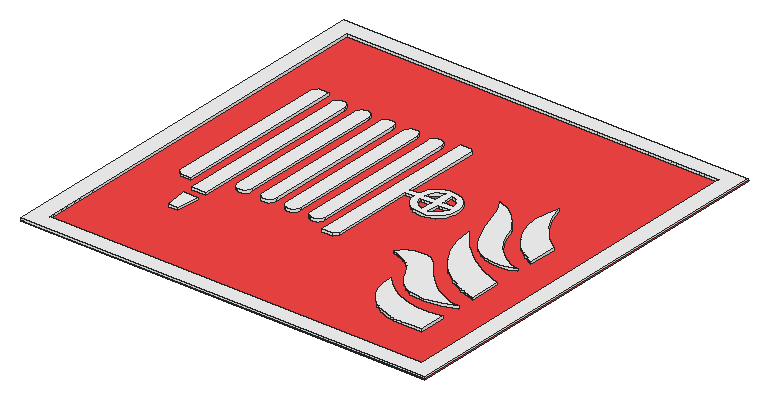
Revit family "GRAS_HW-25N-20-30 HS Z", category Osprzęt hydrauliczny, Revit 2018
Family settings
  Obiekt nadrzędny = Powierzchnia
  Wymiar okrągłego złącza = Użyj średnicy
  Typ części = Normalny
  Tnij formami wycięć po wczytaniu = Nie
  Współdzielony = Nie
  Punkt obliczania pomieszczeń = Nie
Parameters (values of type "HW-25N-20/30 HS-Z, RAL3000")
  W1 = 100 mm
  URL = "http://www.gras.pl/"
  Top Right Supply Connection = ""
  Top Left Supply Connection = ""
  Side Right Supply Connection = ""
  Side Left Supply Connection = ""
  Producent = "GRAS PPPH"
  Pictogram_height = 90 mm
  Opis = "http://gras.pl/hw-25-n-20-30-hs-z/"
  Model = "HW-25N-20/30 HS-Z, RAL3000"
  K Factor = 42
  H1 = 130 mm
  Flow = 60.0 L/s
  Door_Right - Door_Left [instance] = no
  Default Elevation = 0 mm
  DN = 25 mm
  D1 = 100 mm
  Cabinet width = 795 mm
  Cabinet material = DC01, RAL3000
  Cabinet height = 895 mm
  Cabinet depth = 220 mm
  Back Right Supply Connection = ""
  Back Left Supply Connection = ""
  0 = 0 mm
Types (2, lengths in mm): name | Model | Cabinet material
  HW-25N-20/30 HS-Z, RAL9010 | "HW-25N-20/30 HS-Z, RAL9010" | DC01, RAL9010
  HW-25N-20/30 HS-Z, RAL3000 | "HW-25N-20/30 HS-Z, RAL3000" | DC01, RAL3000
Reference planes
  plane 1 "Środek (Przód/Tył)": y = 0
  plane 2: z = 0
  plane 3 "Środek (Lewa/Prawa)": x = 0
  plane 4: y = 447.5
  plane 5: y = -447.5
  plane 6: x = -397.5
  plane 7: x = 397.5
  plane 8: z = 220
  plane 9: z = 130
  plane 10: x = 397.5
  plane 11: z = 0
  plane 12: x = -397.5
  plane 13: z = 130
  plane 14: z = 130
Forms (mm)
  Extrusion 1, solid, not visible
    sketch origin (0, 0, 0) x (1, 0, 0) y (0, 1, 0)
      loop
        line (-1219.2, 1219.2) -> (-1219.2, -1219.2) -> (1219.2, -1219.2) -> (1219.2, 1219.2) -> (-1219.2, 1219.2)
    from 0 to -304.8
Dimensions and locks
  equal spacing: plane 4, plane 1 "Środek (Przód/Tył)", plane 5
  "Cabinet height": plane 4 to plane 5
  equal spacing: plane 6, plane 3 "Środek (Lewa/Prawa)", plane 7
  "Cabinet width": plane 6 to plane 7
  "Cabinet depth": plane 8 to Extrusion 1
  "0": nested 1 to plane 8
  "0": plane 3 "Środek (Lewa/Prawa)" to nested 1
  "0": plane 3 "Środek (Lewa/Prawa)" to nested 2
  "0": plane 1 "Środek (Przód/Tył)" to nested 2
  "Pictogram_height": plane 4 to nested 1
  aligned and locked: plane 2 to Extrusion 1
  aligned and locked: level to Extrusion 1
Automatic sketch dimensions
  Extrusion 1 sketch curve to Extrusion 1 sketch curve = 2438.4 mm  (x2)
Nested families
  nested 1: "pictogram_hydrant" at (0, 282.5, 220), type "150x150"
  nested 2: "Cabinet_complet" at (0, 0, 0), visible <- "Door_Right - Door_Left", type "Cabinet_complet"
    with Visible_Right yes, Left_Right no, Flow 60.0 L/s, Door_Rubber 198 mm, Depth 220 mm
Connectors
  piping at (396.5, 317.5, 100), diameter 25, driven by "DN", driven by "Flow"
    settings: on nested 2, index 1, connector inside diameter 609.6 mm, connector length 0 mm, flow factor 0, pipe flow 60.0 L/s, pressure drop 0.0 Pa, fitting loss kfactor 0, connector angle 0.00°, fixture units 0, engagement length 0 mm, angle of deflection 0.00°, flow configuration 0, flow direction 0, fitting loss method 0, system type 7, joint type 0, gender type 0, connector reference index -1, connector utility 0, adjustable connector no, is connector primary yes, connector description ""
  piping at (297.5, 317.5, 1), diameter 25, driven by "DN", driven by "Flow"
    settings: on nested 2, index 2, connector inside diameter 609.6 mm, connector length 0 mm, flow factor 0, pipe flow 60.0 L/s, pressure drop 0.0 Pa, fitting loss kfactor 0, connector angle 0.00°, fixture units 0, engagement length 0 mm, angle of deflection 0.00°, flow configuration 0, flow direction 0, fitting loss method 0, system type 7, joint type 0, gender type 0, connector reference index -1, connector utility 0, adjustable connector no, is connector primary no, connector description ""
  piping at (-397.5, 317.5, 100), diameter 25, driven by "DN", driven by "Flow"
    settings: on nested 2, index 3, connector inside diameter 609.6 mm, connector length 0 mm, flow factor 0, pipe flow 60.0 L/s, pressure drop 0.0 Pa, fitting loss kfactor 0, connector angle 0.00°, fixture units 0, engagement length 0 mm, angle of deflection 0.00°, flow configuration 0, flow direction 0, fitting loss method 0, system type 19, joint type 0, gender type 0, connector reference index -1, connector utility 0, adjustable connector no, is connector primary no, connector description ""
  piping at (-297.5, 317.5, 0), diameter 25, driven by "DN"
    settings: on nested 2, index 4, connector inside diameter 609.6 mm, connector length 0 mm, flow factor 0, pipe flow 0.0 L/s, pressure drop 0.0 Pa, fitting loss kfactor 0, connector angle 0.00°, fixture units 0, engagement length 0 mm, angle of deflection 0.00°, flow configuration 0, flow direction 0, fitting loss method 0, system type 19, joint type 0, gender type 0, connector reference index -1, connector utility 0, adjustable connector no, is connector primary no, connector description ""
Definition of nested family "pictogram_hydrant"
  Parameters (values of type "150x150")
    pictogram_color_white = none
    pictogram_color_red = none
    W = 150 mm
    H = 150 mm
    Default Elevation = 1219.2 mm
  Reference planes
    plane 1 "Środek (Przód/Tył)": y = 0
    plane 2: z = 0
    plane 3 "Środek (Lewa/Prawa)": x = 0
    plane 4: x = -75
    plane 5: x = 75
    plane 6: y = 75
    plane 7: x = -75
    plane 8: x = 75
    plane 9: y = 75
    plane 10: y = -75
  Forms (mm)
    Extrusion 1, solid, material <- "pictogram_color_white", detail levels fine
      sketch origin (0, 0, 0) x (1, 0, 0) y (0, 1, 0)
        loop
          arc (-42.375, 34.5) -> (-45, 37.125) -> (-47.625, 34.5) r 2.625
          line (-47.625, 34.5) -> (-47.625, -29.625) -> (-42.375, -29.625) -> (-42.375, 34.5)
        loop
          arc (-38.625, -19.5) -> (-36, -22.125) -> (-33.375, -19.5) r 2.625
          line (-33.375, -19.5) -> (-33.375, 34.5)
          arc (-33.375, 34.5) -> (-36, 37.125) -> (-38.625, 34.5) r 2.625
          line (-38.625, 34.5) -> (-38.625, -19.5)
        loop
          arc (-29.625, -19.5) -> (-27, -22.125) -> (-24.375, -19.5) r 2.625
          line (-24.375, -19.5) -> (-24.375, 34.5)
          arc (-24.375, 34.5) -> (-27, 37.125) -> (-29.625, 34.5) r 2.625
          line (-29.625, 34.5) -> (-29.625, -19.5)
        loop
          arc (-20.625, -19.5) -> (-18, -22.125) -> (-15.375, -19.5) r 2.625
          line (-15.375, -19.5) -> (-15.375, 34.5)
          arc (-15.375, 34.5) -> (-18, 37.125) -> (-20.625, 34.5) r 2.625
          line (-20.625, 34.5) -> (-20.625, -19.5)
        loop
          arc (-11.625, -19.5) -> (-9, -22.125) -> (-6.375, -19.5) r 2.625
          line (-6.375, -19.5) -> (-6.375, 34.5)
          arc (-6.375, 34.5) -> (-9, 37.125) -> (-11.625, 34.5) r 2.625
          line (-11.625, 34.5) -> (-11.625, -19.5)
        loop
          arc (8.096, 6.375) -> (9.601, 3.593) -> (12.375, 2.075) r 5.587
          line (12.375, 2.075) -> (12.375, 6.375) -> (8.096, 6.375)
        loop
          arc (14.625, 2.05) -> (17.477, 3.549) -> (19.026, 6.375) r 5.587
          line (19.026, 6.375) -> (14.625, 6.375) -> (14.625, 2.05)
        loop
          arc (12.375, 12.994) -> (9.576, 11.45) -> (8.081, 8.625) r 5.587
          line (8.081, 8.625) -> (12.375, 8.625) -> (12.375, 12.994)
        loop
          arc (19.04, 8.625) -> (17.502, 11.494) -> (14.625, 13.019) r 5.587
          line (14.625, 13.019) -> (14.625, 8.625) -> (19.04, 8.625)
        loop
          arc (30.735, -35.586) -> (34.985, -47.78) -> (46.5, -53.625) r 17.285
          line (46.5, -53.625) -> (56.625, -53.625) -> (56.625, -43.857)
          arc (56.625, -43.857) -> (42.542, -43.284) -> (30.735, -35.586) r 26.558
        loop
          arc (43.5, 26.625) -> (44.037, 9.214) -> (56.632, -2.819) r 22.981
          line (56.632, -2.819) -> (56.601, 7.732)
          arc (56.601, 7.732) -> (48.159, 15.867) -> (43.5, 26.625) r 29.857
        loop
          arc (36.375, -1.5) -> (44.77, -9.178) -> (56.121, -8.425) r 14.487
          arc (56.121, -8.425) -> (50.239, -6.221) -> (45.629, -1.954) r 16.287
          arc (45.629, -1.954) -> (42.437, 2.964) -> (40.404, 8.464) r 26.509
          arc (40.404, 8.464) -> (34.776, 15.029) -> (27.375, 19.5) r 27.251
          arc (27.375, 19.5) -> (29.19, 16.657) -> (30.375, 13.5) r 16.152
          arc (30.375, 13.5) -> (32.842, 5.787) -> (36.375, -1.5) r 57.118
        loop
          line (75, -75) -> (75, 75) -> (-75, 75) -> (-75, -75) -> (75, -75)
        loop
          line (69, -69) -> (69, 69) -> (-69, 69) -> (-69, -69) -> (69, -69)
        loop
          line (-55.125, -25.5) -> (-51.375, -25.5) -> (-51.375, 38.625) -> (-55.125, 38.625) -> (-56.625, 37.125) -> (-56.625, -24) -> (-55.125, -25.5)
        loop
          line (-43.234, -41.671) -> (-42.368, -33.375) -> (-47.658, -33.375) -> (-46.721, -41.671) -> (-43.234, -41.671)
        loop
          line (5.748, 8.625) -> (2.625, 8.625) -> (2.625, 37.125) -> (1.125, 38.625) -> (-2.625, 38.625) -> (-2.625, -25.5) -> (1.125, -25.5) -> (2.625, -24) -> (2.625, 6.375) -> (5.748, 6.375)
          arc (5.748, 6.375) -> (21.333, 7.5) -> (5.748, 8.625) r 7.833
        loop
          arc (56.626, -18.699) -> (42.495, -11.687) -> (31.5, -0.375) r 46.748
          arc (31.5, -0.375) -> (38.925, -19.413) -> (56.626, -29.624) r 30.825
          line (56.626, -29.624) -> (56.626, -18.699)
        loop
          arc (30.403, -18.389) -> (25.366, -19.297) -> (21.375, -22.5) r 10.383
          arc (21.375, -22.5) -> (27.7, -25.134) -> (32.166, -30.331) r 14.829
          arc (32.166, -30.331) -> (35.524, -35.29) -> (40.5, -38.625) r 15.649
          arc (40.5, -38.625) -> (48.741, -38.75) -> (56.621, -36.335) r 26.465
          arc (56.621, -36.335) -> (49.534, -34.515) -> (43.5, -30.375) r 21.005
          arc (43.5, -30.375) -> (39.113, -26.466) -> (35.439, -21.881) r 35.088
          arc (35.439, -21.881) -> (33.209, -19.719) -> (30.403, -18.389) r 9.54
      from 0.2 to 1
    Extrusion 2, solid, material <- "pictogram_color_red", detail levels fine
      sketch origin (0, 0, 0) x (1, 0, 0) y (0, 1, 0)
        loop
          line (-75, 75) -> (-75, -75) -> (75, -75) -> (75, 75) -> (-75, 75)
      from 0 to 0.2
  Dimensions and locks
    equal spacing: plane 7, plane 3 "Środek (Lewa/Prawa)", plane 8
    "W": plane 7 to plane 8
    equal spacing: plane 9, plane 1 "Środek (Przód/Tył)", plane 10
    "H": plane 9 to plane 10
    aligned and locked: level to plane 2
    aligned and locked: Extrusion 1 to Extrusion 2  (x2)
    aligned and locked: Extrusion 2 to Extrusion 1  (x3)
    aligned and locked: Extrusion 1 to plane 7
    aligned and locked: plane 8 to Extrusion 1
    aligned and locked: plane 9 to Extrusion 1
    aligned and locked: Extrusion 1 to plane 10
  Automatic sketch dimensions
    Extrusion 1 sketch curve to Extrusion 1 sketch curve = 0 mm  (x22)
    Extrusion 1 sketch curve to plane 4 = 0 mm
    Extrusion 1 sketch curve to plane 5 = 0 mm
    Extrusion 1 sketch curve to plane 6 = 0 mm
    plane 4 to Extrusion 1 sketch curve = 6 mm
    plane 4 to Extrusion 1 sketch curve = 18.375 mm
    Extrusion 1 sketch curve to Extrusion 1 sketch curve = 1.5 mm  (x7)
    Extrusion 1 sketch curve to Extrusion 1 sketch curve = 3.75 mm  (x6)
    Extrusion 1 sketch curve to Extrusion 1 sketch curve = 3.717 mm
    Extrusion 1 sketch curve to Extrusion 1 sketch curve = 0.033 mm
    Extrusion 1 sketch curve to Extrusion 1 sketch curve = 0.938 mm
    Extrusion 1 sketch curve to Extrusion 1 sketch curve = 2.625 mm  (x7)
    Extrusion 1 sketch curve to Extrusion 1 sketch curve = 3.487 mm
    Extrusion 1 sketch curve to Extrusion 1 sketch curve = 0.007 mm
    Extrusion 1 sketch curve to plane 3 "Środek (Lewa/Prawa)" = 2.625 mm
    plane 3 "Środek (Lewa/Prawa)" to Extrusion 1 sketch curve = 1.125 mm  (x2)
    plane 3 "Środek (Lewa/Prawa)" to Extrusion 1 sketch curve = 2.625 mm
    Extrusion 1 sketch curve to Extrusion 1 sketch curve = 3.123 mm
    Extrusion 1 sketch curve to Extrusion 1 sketch curve = 2.333 mm
    Extrusion 1 sketch curve to Extrusion 1 sketch curve = 0.014 mm  (x2)
    Extrusion 1 sketch curve to Extrusion 1 sketch curve = 4.294 mm
    Extrusion 1 sketch curve to Extrusion 1 sketch curve = 1.125 mm  (x2)
    Extrusion 1 sketch curve to Extrusion 1 sketch curve = 0.061 mm
    Extrusion 1 sketch curve to Extrusion 1 sketch curve = 1.064 mm  (x2)
    Extrusion 1 sketch curve to Extrusion 1 sketch curve = 0.118 mm
    Extrusion 1 sketch curve to Extrusion 1 sketch curve = 2.539 mm
    plane 3 "Środek (Lewa/Prawa)" to Extrusion 1 sketch curve = 18.99 mm
    Extrusion 1 sketch curve to Extrusion 1 sketch curve = 4.401 mm
    Extrusion 1 sketch curve to Extrusion 1 sketch curve = 8.783 mm
    Extrusion 1 sketch curve to Extrusion 1 sketch curve = 1.895 mm
    plane 1 "Środek (Przód/Tył)" to Extrusion 1 sketch curve = 12.549 mm
    Extrusion 1 sketch curve to Extrusion 1 sketch curve = 15.349 mm
    Extrusion 1 sketch curve to plane 5 = 28.5 mm
    Extrusion 1 sketch curve to Extrusion 1 sketch curve = 1.545 mm
    Extrusion 1 sketch curve to Extrusion 1 sketch curve = 1.437 mm
    Extrusion 1 sketch curve to plane 1 "Środek (Przód/Tył)" = 4.493 mm
    Extrusion 1 sketch curve to Extrusion 1 sketch curve = 4.546 mm
    Extrusion 1 sketch curve to Extrusion 1 sketch curve = 4.061 mm
    Extrusion 1 sketch curve to Extrusion 1 sketch curve = 7.037 mm
    Extrusion 1 sketch curve to Extrusion 1 sketch curve = 10.125 mm
    Extrusion 1 sketch curve to Extrusion 1 sketch curve = 8.626 mm
    plane 1 "Środek (Przód/Tył)" to Extrusion 1 sketch curve = 2.819 mm
    Extrusion 1 sketch curve to Extrusion 1 sketch curve = 7.068 mm
    Extrusion 1 sketch curve to Extrusion 1 sketch curve = 1.594 mm
    Extrusion 1 sketch curve to Extrusion 1 sketch curve = 2.188 mm
    Extrusion 1 sketch curve to plane 1 "Środek (Przód/Tył)" = 0.672 mm
    Extrusion 1 sketch curve to Extrusion 1 sketch curve = 5.675 mm
    plane 1 "Środek (Przód/Tył)" to Extrusion 1 sketch curve = 2.314 mm
    Extrusion 1 sketch curve to Extrusion 1 sketch curve = 2.258 mm
    Extrusion 1 sketch curve to plane 5 = 9.975 mm
    Extrusion 1 sketch curve to Extrusion 1 sketch curve = 1.108 mm
    Extrusion 1 sketch curve to plane 5 = 6 mm
    Extrusion 1 sketch curve to plane 5 = 4.96 mm
    Extrusion 1 sketch curve to plane 5 = 2.306 mm
    plane 5 to Extrusion 1 sketch curve = 10.875 mm
    Extrusion 1 sketch curve to Extrusion 1 sketch curve = 12.572 mm
    Extrusion 1 sketch curve to Extrusion 1 sketch curve = 5.437 mm
    Extrusion 1 sketch curve to Extrusion 1 sketch curve = 3.308 mm
    plane 1 "Środek (Przód/Tył)" to Extrusion 1 sketch curve = 19.5 mm
    Extrusion 1 sketch curve to Extrusion 1 sketch curve = 4.5 mm  (x2)
    Extrusion 1 sketch curve to Extrusion 1 sketch curve = 6.213 mm
    Extrusion 1 sketch curve to Extrusion 1 sketch curve = 3.361 mm
    Extrusion 1 sketch curve to Extrusion 1 sketch curve = 1.186 mm
    Extrusion 1 sketch curve to Extrusion 1 sketch curve = 10.925 mm
    Extrusion 1 sketch curve to Extrusion 1 sketch curve = 4.125 mm
    Extrusion 1 sketch curve to Extrusion 1 sketch curve = 6.781 mm
    Extrusion 1 sketch curve to Extrusion 1 sketch curve = 9.577 mm
    Extrusion 1 sketch curve to Extrusion 1 sketch curve = 8.296 mm
    Extrusion 1 sketch curve to Extrusion 1 sketch curve = 7.452 mm
    Extrusion 1 sketch curve to Extrusion 1 sketch curve = 9.768 mm
    Extrusion 1 sketch curve to Extrusion 1 sketch curve = 27.329 mm
    Extrusion 1 sketch curve to Extrusion 1 sketch curve = 6 mm
    plane 1 "Środek (Przód/Tył)" to Extrusion 1 sketch curve = 5.765 mm
    Extrusion 1 sketch curve to plane 1 "Środek (Przód/Tył)" = 2.05 mm
    Extrusion 1 sketch curve to plane 1 "Środek (Przód/Tył)" = 2.075 mm
    Extrusion 1 sketch curve to Extrusion 1 sketch curve = 4.325 mm
    Extrusion 1 sketch curve to Extrusion 1 sketch curve = 0.034 mm
    Extrusion 1 sketch curve to plane 1 "Środek (Przód/Tył)" = 7.642 mm
    Extrusion 1 sketch curve to Extrusion 1 sketch curve = 0.09 mm
    Extrusion 1 sketch curve to Extrusion 1 sketch curve = 2.25 mm
    Extrusion 1 sketch curve to Extrusion 1 sketch curve = 0.809 mm
    Extrusion 1 sketch curve to Extrusion 1 sketch curve = 7.206 mm
    Extrusion 1 sketch curve to Extrusion 1 sketch curve = 3.727 mm
    Extrusion 1 sketch curve to Extrusion 1 sketch curve = 7.508 mm
    Extrusion 1 sketch curve to Extrusion 1 sketch curve = 0.917 mm
    Extrusion 1 sketch curve to Extrusion 1 sketch curve = 6.797 mm
    Extrusion 1 sketch curve to plane 1 "Środek (Przód/Tył)" = 34.5 mm
    Extrusion 1 sketch curve to plane 6 = 6 mm
    Extrusion 1 sketch curve to Extrusion 1 sketch curve = 6.399 mm
    Extrusion 1 sketch curve to Extrusion 1 sketch curve = 8.335 mm
    Extrusion 1 sketch curve to Extrusion 1 sketch curve = 3 mm
    Extrusion 1 sketch curve to Extrusion 1 sketch curve = 2.63 mm
    Extrusion 1 sketch curve to Extrusion 1 sketch curve = 2.497 mm
    Extrusion 1 sketch curve to Extrusion 1 sketch curve = 5.036 mm
    plane 1 "Środek (Przód/Tył)" to Extrusion 1 sketch curve = 1.5 mm
    Extrusion 1 sketch curve to Extrusion 1 sketch curve = 4.875 mm
    Extrusion 1 sketch curve to plane 1 "Środek (Przód/Tył)" = 8.464 mm
    Extrusion 1 sketch curve to Extrusion 1 sketch curve = 7.5 mm
    Extrusion 1 sketch curve to Extrusion 1 sketch curve = 3.063 mm
    plane 1 "Środek (Przód/Tył)" to Extrusion 1 sketch curve = 1.954 mm
    Extrusion 1 sketch curve to Extrusion 1 sketch curve = 0.005 mm
    Extrusion 2 sketch curve to plane 4 = 0 mm
    Extrusion 2 sketch curve to plane 5 = 0 mm
    Extrusion 2 sketch curve to plane 6 = 0 mm
    plane 1 "Środek (Przód/Tył)" to Extrusion 2 sketch curve = 75 mm
Definition of nested family "Cabinet_complet"
  Parameters (values of type "Cabinet_complet")
    W1 = 100 mm
    Visible_Right = not(Left_Right)  # no
    Thickness = 1 mm
    Rubber = 8 mm
    Roof = 40 mm
    Material_hinge_lock = none
    Material = none
    Left_Right = yes
    Hinge_H2 = Height - Roof - Frame - 100 mm  # 733 mm
    Hinge_H1 = 100 mm
    Half_Height = Height / 2  # 447.5 mm
    Height = 895 mm
    Width = 795 mm
    H1 = 130 mm
    Gap = 4 mm
    Frame = 22 mm
    Flow = 35.0 L/s
    Door_Width = Width  # 795 mm
    Door_Rubber = Depth - Door_Depth  # 228 mm
    Door_Height = Height - Gap - Roof - Frame  # 829 mm
    Door_Half_Height = Door_Height / 2  # 414.5 mm
    Door_Depth = 22 mm
    Depth = 250 mm
    DN_Hole = DN + 20 mm  # 45 mm
    DN = 25 mm
    D1 = 100 mm
    0 = 0 mm
  Reference planes
    plane 1 "Środek (Przód/Tył)": y = 0
    plane 2: z = 0
    plane 3 "Środek (Lewa/Prawa)": x = 0
    plane 4: z = 250
    plane 5: y = 895
    plane 6: y = -447.5
    plane 7: x = 397.5
    plane 8: x = -397.5
    plane 9: y = -33
  Dimensions and locks
    "0": plane 3 "Środek (Lewa/Prawa)" to nested 1
    "0": plane 1 "Środek (Przód/Tył)" to nested 1
    "Height": plane 5 to plane 1 "Środek (Przód/Tył)"
    "0": plane 3 "Środek (Lewa/Prawa)" to nested 2
    "Door_Rubber": nested 2 to plane 2
    "Half_Height": plane 1 "Środek (Przód/Tył)" to plane 6
    "0": nested 2 to plane 6
    equal spacing: plane 7, plane 3 "Środek (Lewa/Prawa)", plane 8
    "Width": plane 7 to plane 8
    "Depth": plane 4 to level
    "0": nested 3 to plane 8
    "0": nested 4 to plane 8
    "Hinge_H1": plane 6 to nested 4
    "Hinge_H2": nested 3 to plane 6
    "Gap": nested 3 to plane 4
    "Gap": plane 4 to nested 4
    "0": nested 6 to plane 8
    "0": plane 7 to nested 5
    "Door_Half_Height": plane 9 to plane 6
    "0": plane 9 to nested 5
    "0": nested 6 to plane 9
    "Gap": nested 6 to plane 4
    "Gap": plane 4 to nested 5
    "0": plane 3 "Środek (Lewa/Prawa)" to nested 7
    "0": nested 7 to plane 1 "Środek (Przód/Tył)"
    "0": plane 7 to nested 8
    "0": plane 7 to nested 9
    "Hinge_H1": plane 6 to nested 9
    "Hinge_H2": plane 6 to nested 8
    "Gap": plane 4 to nested 9
    "Gap": plane 4 to nested 8
    aligned and locked: level to plane 2
  Nested families
    nested 1: "HS-Z v2" at (0, 0, 0), visible <- "Visible_Right", type "HS-Z v2"
      with Srednica 45 mm
    nested 2: "door" at (0, -33, 228), type "door"
    nested 3: "zawias" at (-402.5, 310.5, 216) x (-1, 0, 0) z (0, 0, 1), visible <- "Left_Right", type "zawias"
    nested 4: "zawias" at (-402.5, -322.5, 216) x (-1, 0, 0) z (0, 0, 1), visible <- "Left_Right", type "zawias"
    nested 5: "zamek" at (397.5, -33, 211), visible <- "Left_Right", type "zamek"
    nested 6: "zamek" at (-397.5, -33, 211) x (-1, 0, 0) z (0, 0, 1), visible <- "Visible_Right", type "zamek"
    nested 7: "HS-Z v2" at (0, 0, 0) x (-1, 0, 0) z (0, 0, 1), visible <- "Left_Right", type "HS-Z v2"
      with Srednica 45 mm
    nested 8: "zawias" at (402.5, 310.5, 216), visible <- "Visible_Right", type "zawias"
    nested 9: "zawias" at (402.5, -322.5, 216), visible <- "Visible_Right", type "zawias"
  Definition of nested family "HS-Z v2"
    Parameters (values of type "HS-Z v2")
      Width = 795 mm
      W1 = 100 mm
      D1 = 100 mm
      Thickness = 1 mm
      Srednica = 100 mm
      Rubber = 8 mm
      Roof_out = 10 mm
      Roof_Height = 40 mm
      Materiał = none
      Height = 895 mm
      H1 = 130 mm
      Frame = 22 mm
      Door_Depth_rubber = Door_Depth + Rubber  # 30 mm
      Door_Depth = 22 mm
      Depth = 250 mm
      DN = 45 mm
      Cabinet_depth = Depth - Door_Depth_rubber  # 220 mm
      0 = 0 mm
    Reference planes
      plane 1 "Środek (Przód/Tył)": y = 0
      plane 2: z = 0
      plane 3 "Środek (Lewa/Prawa)": x = 0
      plane 4: x = -397.5
      plane 5: x = 397.5
      plane 6: y = 447.5
      plane 7: y = -447.5
      plane 8: z = 250
      plane 9: z = 220
      plane 10: y = 407.5
      plane 11: y = 385.5
      plane 12: z = 260
      plane 13: y = 363.5
      plane 14: z = 259
      plane 15: z = 1
      plane 16: y = -446.5
      plane 17: z = 219
      plane 18: y = 446.5
      plane 19: y = 386.5
      plane 20: y = 406.5
      plane 21: x = 396.5
      plane 22: x = -396.5
      plane 23: x = -375.5
      plane 24: x = 375.5
      plane 25: y = -425.5
      plane 26: y = 317.5
      plane 27: z = 100
      plane 28: x = 297.5
    Forms (mm)
      Extrusion 1, solid, material <- "Materiał"
        sketch origin (0, 0, 0) x (0, 1, 0) y (0, 0, 1)
          loop
            line (447.5, 0) -> (407.5, 260) -> (385.5, 260) -> (391.654, 220) -> (-447.5, 220) -> (-447.5, 0) -> (447.5, 0)
        from -397.5 to 397.5
      Extrusion 2, void
        sketch origin (0, 0, 0) x (0, 1, 0) y (0, 0, 1)
          loop
            line (446.5, 1) -> (406.5, 259) -> (386.5, 259) -> (392.702, 219) -> (-446.5, 219) -> (-446.5, 1) -> (446.5, 1)
        from -396.5 to 396.5
      Extrusion 3, void
        sketch origin (0, 0, 0) x (1, 0, 0) y (0, 1, 0)
          loop
            line (-375.5, 363.5) -> (-375.5, -425.5) -> (375.5, -425.5) -> (375.5, 363.5) -> (-375.5, 363.5)
        from 1 to 260
      Extrusion 4, void
        sketch origin (0, 0, 0) x (1, 0, 0) y (0, 1, 0)
          loop
            circle (297.5, 317.5) r 22.5
        from 0 to 110
      Extrusion 5, void
        sketch origin (397.5, 0, 0) x (0, -1, 0) y (0, 0, 1)
          loop
            circle (-317.5, 100) r 22.5
        from 0 to 1
    Cuts and joins
      Extrusion 2, Extrusion 3, Extrusion 4, Extrusion 5 cuts Extrusion 1
    Dimensions and locks
      equal spacing: plane 4, plane 3 "Środek (Lewa/Prawa)", plane 5
      "Width": plane 4 to plane 5
      equal spacing: plane 6, plane 1 "Środek (Przód/Tył)", plane 7
      "Height": plane 6 to plane 7
      "Roof_Height": plane 6 to plane 10
      "Frame": plane 10 to plane 11
      "Cabinet_depth": plane 9 to plane 2
      "Depth": plane 8 to plane 2
      "Roof_out": plane 12 to plane 8
      "Frame": plane 11 to plane 13
      "Thickness": plane 12 to plane 14
      "Thickness": plane 15 to plane 2
      "Thickness": plane 16 to plane 7
      "Thickness": plane 9 to plane 17
      "Thickness": plane 6 to plane 18
      "Thickness": plane 19 to plane 11
      "Thickness": plane 10 to plane 20
      "Thickness": plane 4 to plane 22
      "Thickness": plane 21 to plane 5
      "Frame": plane 25 to plane 7
      "Frame": plane 4 to plane 23
      "Frame": plane 24 to plane 5
      "0": cut or joined group of Extrusion 1, Extrusion 2, Extrusion 3, Extrusion 4, Extrusion 5 to plane 5
      "0": plane 4 to cut or joined group of Extrusion 1, Extrusion 2, Extrusion 3, Extrusion 4, Extrusion 5
      "0": plane 22 to cut or joined group of Extrusion 1, Extrusion 2, Extrusion 3, Extrusion 4, Extrusion 5
      "0": cut or joined group of Extrusion 1, Extrusion 2, Extrusion 3, Extrusion 4, Extrusion 5 to plane 21
      "0": plane 12 to cut or joined group of Extrusion 1, Extrusion 2, Extrusion 3, Extrusion 4, Extrusion 5
      "D1": plane 27 to level
      "H1": plane 6 to plane 26
      "W1": plane 28 to plane 5
      "0": cut or joined group of Extrusion 1, Extrusion 2, Extrusion 3, Extrusion 4, Extrusion 5 to cut or joined group of Extrusion 1, Extrusion 2, Extrusion 3, Extrusion 4, Extrusion 5
      "0": plane 21 to cut or joined group of Extrusion 1, Extrusion 2, Extrusion 3, Extrusion 4, Extrusion 5
      "0": Extrusion 5 sketch curve to plane 26
      "0": Extrusion 5 sketch curve to plane 27
      "DN": diameter of Extrusion 4 sketch curve
      "DN": diameter of Extrusion 5 sketch curve
      aligned and locked: level to plane 2
    Automatic sketch dimensions
      Extrusion 1 sketch curve to plane 7 = 0 mm
      Extrusion 1 sketch curve to plane 11 = 0 mm
      Extrusion 1 sketch curve to plane 9 = 0 mm
      Extrusion 1 sketch curve to plane 10 = 0 mm
      Extrusion 1 sketch curve to level = 0 mm
      Extrusion 1 sketch curve to plane 6 = 0 mm
      Extrusion 1 sketch curve to plane 12 = 0 mm
      Extrusion 1 sketch curve to plane 11 = 6.154 mm
      Extrusion 2 sketch curve to plane 16 = 0 mm
      Extrusion 2 sketch curve to plane 15 = 0 mm
      Extrusion 2 sketch curve to plane 14 = 0 mm
      Extrusion 2 sketch curve to plane 19 = 0 mm
      Extrusion 2 sketch curve to plane 17 = 0 mm
      Extrusion 2 sketch curve to plane 20 = 0 mm
      Extrusion 2 sketch curve to plane 18 = 0 mm
      Extrusion 2 sketch curve to plane 19 = 6.202 mm
      Extrusion 3 sketch curve to plane 23 = 0 mm
      plane 13 to Extrusion 3 sketch curve = 0 mm
      Extrusion 3 sketch curve to plane 24 = 0 mm
      Extrusion 3 sketch curve to plane 25 = 0 mm
      plane 26 to Extrusion 4 sketch curve = 0 mm
      Extrusion 4 sketch curve to plane 28 = 0 mm
  Definition of nested family "door"
    Parameters (values of type "door")
      Material = none
      Height = 829 mm
      Width = 795 mm
      Depth = 22 mm
      0 = 0 mm
    Reference planes
      plane 1 "Środek (Przód/Tył)": y = 0
      plane 2: z = 0
      plane 3 "Środek (Lewa/Prawa)": x = 0
      plane 4: x = -397.5
      plane 5: x = 397.5
      plane 6: y = 414.5
      plane 7: y = -414.5
      plane 8: z = 22
    Forms (mm)
      Extrusion 1, solid, material <- "Material"
        sketch origin (0, 0, 0) x (1, 0, 0) y (0, 1, 0)
          loop
            line (-397.5, 414.5) -> (-397.5, -414.5) -> (397.5, -414.5) -> (397.5, 414.5) -> (-397.5, 414.5)
        from 0 to 22
    Dimensions and locks
      equal spacing: plane 6, plane 1 "Środek (Przód/Tył)", plane 7
      equal spacing: plane 4, plane 3 "Środek (Lewa/Prawa)", plane 5
      "Width": plane 4 to plane 5
      "Height": plane 6 to plane 7
      "Depth": plane 8 to plane 2
      "0": plane 8 to Extrusion 1
      aligned and locked: level to plane 2
    Automatic sketch dimensions
      Extrusion 1 sketch curve to plane 4 = 0 mm
      Extrusion 1 sketch curve to plane 5 = 0 mm
      Extrusion 1 sketch curve to plane 7 = 0 mm
      Extrusion 1 sketch curve to plane 6 = 0 mm
  Definition of nested family "zawias"
    Parameters (values of type "zawias")
      width_height = 50 mm
      faza = 3 mm
      Visible = yes
      Materiał = none
      Depth = 10 mm
    Reference planes
      plane 1 "Środek (Przód/Tył)": y = 0
      plane 2: z = 0
      plane 3 "Środek (Lewa/Prawa)": x = 0
      plane 4: x = -25
      plane 5: y = 25
      plane 6: x = 25
      plane 7: y = -25
      plane 8: z = 10
      plane 9: z = 7
      plane 10: x = -3
      plane 11: x = 3
      plane 12: x = 22
      plane 13: x = -22
    Forms (mm)
      Extrusion 1, solid, material <- "Materiał"
        sketch origin (-5, 0, 5) x (0, 0, -1) y (1, 0, 0)
          loop
            line (-25, 0) -> (25, 0) -> (25, 7) -> (22, 10) -> (3, 10) -> (0, 7) -> (-3, 10) -> (-22, 10) -> (-25, 7) -> (-25, 0)
        from -25 to 25
    Dimensions and locks
      equal spacing: plane 4, plane 3 "Środek (Lewa/Prawa)", plane 6
      "width_height": plane 4 to plane 6
      equal spacing: plane 5, plane 1 "Środek (Przód/Tył)", plane 7
      "width_height": plane 5 to plane 7
      "Depth": plane 8 to plane 2
      "faza": plane 8 to plane 9
      "faza": plane 13 to plane 4
      "faza": plane 3 "Środek (Lewa/Prawa)" to plane 10
      "faza": plane 11 to plane 3 "Środek (Lewa/Prawa)"
      "faza": plane 6 to plane 12
      aligned and locked: level to plane 2
    Automatic sketch dimensions
      Extrusion 1 sketch curve to plane 10 = 2 mm
      plane 8 to Extrusion 1 sketch curve = 20 mm
      plane 11 to Extrusion 1 sketch curve = 2 mm  (x2)
      Extrusion 1 sketch curve to Extrusion 1 sketch curve = 3 mm  (x2)
      plane 9 to Extrusion 1 sketch curve = 1 mm
      Extrusion 1 sketch curve to plane 9 = 2 mm
      level to Extrusion 1 sketch curve = 2 mm
      Extrusion 1 sketch curve to level = 17 mm
      Extrusion 1 sketch curve to plane 11 = 1 mm  (x2)
  Definition of nested family "zamek"
    Parameters (values of type "zamek")
      height = 20 mm
      depth = 10 mm
      border = 3 mm
      Width = 35 mm
      Material = none
    Reference planes
      plane 1 "Środek (Przód/Tył)": y = 0
      plane 2: z = 0
      plane 3 "Środek (Lewa/Prawa)": x = 0
      plane 4: y = 10
      plane 5: y = -10
      plane 6: y = -7
      plane 7: y = 7
      plane 8: x = 10
      plane 9: x = 3
      plane 10: y = 4
      plane 11: y = -4
      plane 12: z = 35
    Forms (mm)
      Extrusion 1, solid, material <- "Material"
        sketch origin (0, 0, 0) x (1, 0, 0) y (0, 1, 0)
          loop
            line (0, 10) -> (0, -10) -> (10, -10) -> (10, -7) -> (3, -7) -> (3, -4) -> (10, -4) -> (10, 4) -> (3, 4) -> (3, 7) -> (10, 7) -> (10, 10) -> (0, 10)
        from 0 to 35
    Dimensions and locks
      equal spacing: plane 4, plane 1 "Środek (Przód/Tył)", plane 5
      "height": plane 4 to plane 5
      "border": plane 6 to plane 5
      "border": plane 7 to plane 4
      "border": plane 3 "Środek (Lewa/Prawa)" to plane 9
      "depth": plane 3 "Środek (Lewa/Prawa)" to plane 8
      "border": plane 10 to plane 7
      "border": plane 11 to plane 6
      "Width": plane 12 to plane 2
      aligned and locked: level to plane 2
    Automatic sketch dimensions
      Extrusion 1 sketch curve to plane 3 "Środek (Lewa/Prawa)" = 0 mm
      Extrusion 1 sketch curve to plane 9 = 0 mm  (x2)
      plane 7 to Extrusion 1 sketch curve = 0 mm
      Extrusion 1 sketch curve to plane 8 = 0 mm  (x3)
      Extrusion 1 sketch curve to plane 6 = 0 mm
      Extrusion 1 sketch curve to plane 5 = 0 mm
      Extrusion 1 sketch curve to plane 11 = 0 mm
      plane 10 to Extrusion 1 sketch curve = 0 mm
      Extrusion 1 sketch curve to plane 4 = 0 mm
